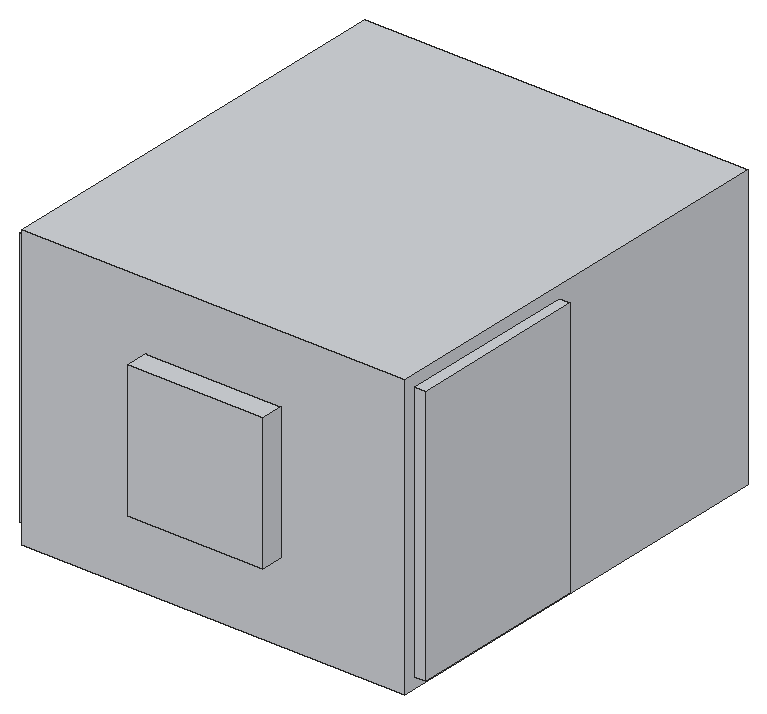
Revit family "2d22003eef5a421bbdb587e43a5ccc36", category Mechanical Equipment, Revit 2021
Family settings
  Round Connector Dimension = Use Diameter
  Part Type = Normal
  OmniClass Number = 23.75.35.17.14
  OmniClass Title = Fans, Single Units
  Seek Item ID = Fan Module - Side Discharge Up-0000-USA-ENU
  Work Plane-Based = No
  Always vertical = Yes
  Cut with Voids When Loaded = No
  Shared = No
  Room Calculation Point = No
Parameters (values of type "2000 CFM")
  Width 1 = 1' - 4"
  Voltage = 208 V
  Symbol Motor Radius = 1' - 3 1/4"
  Symbol Length = 0' - 3 1/2"
  Load Classification = Cooling
  Height 1 = 1' - 11"
  Default Elevation = 0' - 0"
  C1 Offest 1 = 0' - 6"
  External Static Pressure [instance] = 0.07 in-wg
  Number of poles = 3
  Length = Symbol Motor Radius + Symbol Length  # 1' - 6 3/4"
  Half Width [instance] = Outlet Width / 2  # 0' - 6"
  Half Symbol  Radius = Symbol Motor Radius / 2  # 0' - 7 5/8"
  Half Height 1 = Height 1 / 2  # 0' - 11 1/2"
  Inlet Width = 34"
  Outlet Width = 12"
  Inlet Height = 25"
  Outlet Height = 12"
  Half Length [instance] = Inlet Width / 2  # 1' - 5"
  Air Flow [instance] = 2000 CFM
  Fan Width = 3' - 2"
  Fan Material = none
  Apparent Load = 13000 VA
Types (9): name | Width 1 | Voltage | Symbol Motor Radius | Symbol Length | Height 1 | C1 Offest 1 | External Static Pressure | Length | Half Width | Half Symbol  Radius | Half Height 1 | Inlet Width | Outlet Width | Inlet Height | Outlet Height | Half Length | Air Flow | Fan Width | Apparent Load
  (no name) | 1' - 4" | 208 V | 1' - 3 1/4" | 0' - 3 1/2" | 1' - 11" | 0' - 6" | 0.07 in-wg | 1' - 6 3/4" | 0' - 6" | 0' - 7 5/8" | 0' - 11 1/2" | 34" | 12" | 25" | 12" | 1' - 5" | 2000 CFM | 3' - 2" | 13000 VA
  2000 CFM | 1' - 4" | 208 V | 1' - 3 1/4" | 0' - 3 1/2" | 1' - 11" | 0' - 6" | 0.07 in-wg | 1' - 6 3/4" | 0' - 6" | 0' - 7 5/8" | 0' - 11 1/2" | 34" | 12" | 25" | 12" | 1' - 5" | 2000 CFM | 3' - 2" | 13000 VA
  3000 CFM | 1' - 4" | 208 V | 1' - 3" | 0' - 2 3/8" | 2' - 8" | 0' - 4" | 0.16 in-wg | 1' - 5 3/8" | 0' - 10" | 0' - 7 1/2" | 1' - 4" | 62" | 20" | 34" | 20" | 2' - 7" | 3000 CFM | 3' - 0" | 44000 VA
  3500 CFM | 1' - 4" | 208 V | 1' - 6" | 0' - 4 1/4" | 3' - 6" | 0' - 4" | 0.22 in-wg | 1' - 10 1/4" | 1' - 2" | 0' - 9" | 1' - 9" | 76" | 28" | 44" | 28" | 3' - 2" | 3500 CFM | 3' - 10" | 75000 VA
  4000 CFM | 2' - 0" | 208 V | 1' - 8" | 0' - 4 7/8" | 4' - 0" | 0' - 4" | 0.23 in-wg | 2' - 0 7/8" | 1' - 2" | 0' - 10" | 2' - 0" | 78" | 28" | 50" | 28" | 3' - 3" | 4000 CFM | 4' - 4" | 95000 VA
  4500 CFM | 2' - 0" | 208 V | 2' - 0" | 0' - 4 3/8" | 4' - 6" | 0' - 4" | 0.28 in-wg | 2' - 4 3/8" | 1' - 4" | 1' - 0" | 2' - 3" | 94" | 32" | 56" | 32" | 3' - 11" | 4500 CFM | 4' - 10" | 120000 VA
  5000 CFM | 2' - 2 1/8" | 480 V | 2' - 7 1/8" | 0' - 4 3/4" | 6' - 0" | 1' - 0" | 0.44 in-wg | 2' - 11 7/8" | 1' - 9" | 1' - 3 9/16" | 3' - 0" | 122" | 42" | 74" | 42" | 5' - 1" | 5000 CFM | 6' - 0" | 120000 VA
  6000 CFM | 2' - 0" | 480 V | 3' - 0 3/4" | 0' - 5" | 6' - 8" | 1' - 6" | 0.41 in-wg | 3' - 5 3/4" | 2' - 0" | 1' - 6 3/8" | 3' - 4" | 140" | 48" | 92" | 42" | 5' - 10" | 6000 CFM | 7' - 2" | 120000 VA
  7000 CFM | 2' - 0" | 480 V | 3' - 6 1/2" | 0' - 5 1/8" | 6' - 9" | 3' - 0" | 0.61 in-wg | 3' - 11 5/8" | 2' - 8" | 1' - 9 1/4" | 3' - 4 1/2" | 154" | 64" | 120" | 56" | 6' - 5" | 7000 CFM | 8' - 2" | 120000 VA
Reference planes (in)
  plane 1 "Center (Front/Back)": y = 0
  plane 2: z = 0
  plane 3 "Center (Left/Right)": x = 0
  plane 4: x = -17
  plane 5: x = 17
  plane 6: y = -38
  plane 7: z = 25
  plane 8: y = -37
  plane 9: y = -40
  plane 10: y = -21
  plane 11: x = -18
  plane 12: x = 18
  plane 13: x = -6
  plane 14: x = 6
  plane 15: z = 19
  plane 16: z = 7
  plane 17: z = 12.5
  plane 18: z = 24
  plane 19: z = 1
  plane 20: y = -19
  plane 21: y = -37.75
  plane 22: x = -15.25
Forms (in)
  Extrusion 1, solid, material <- "Fan Material", detail levels medium+fine
    sketch origin (0, 0, 0) x (1, 0, 0) y (0, 1, 0)
      loop
        line (-17, 0) -> (-17, -38) -> (17, -38) -> (17, 0) -> (-17, 0)
    from 0 to 25
  Extrusion 2, solid, material <- "Fan Material", detail levels medium+fine
    sketch origin (0, 0, 0) x (1, 0, 0) y (0, 1, 0)
      loop
        line (-6, -40) -> (6, -40) -> (6, -38) -> (-6, -38) -> (-6, -40)
    from 7 to 19
  Extrusion 3, solid, material <- "Fan Material", detail levels medium+fine
    sketch origin (0, 0, 0) x (1, 0, 0) y (0, 1, 0)
      loop
        line (-18, -37) -> (-17, -37) -> (-17, -21) -> (-18, -21) -> (-18, -37)
    from 1 to 24
  Extrusion 4, solid, material <- "Fan Material", detail levels medium+fine
    sketch origin (0, 0, 0) x (1, 0, 0) y (0, 1, 0)
      loop
        line (17, -37) -> (18, -37) -> (18, -21) -> (17, -21) -> (17, -37)
    from 1 to 24
  Extrusion 5, solid, material <- "Fan Material", detail levels coarse
    sketch origin (0, 0, 0) x (1, 0, 0) y (0, 1, 0)
      loop
        line (-18, -40) -> (18, -40) -> (18, 0) -> (-18, 0) -> (-18, -40)
    from 0 to 25
Cuts and joins
  joined: Extrusion 1, Extrusion 2, Extrusion 3, Extrusion 4
Lines and regions (in)
  symbolic lines, detail levels coarse
    curve 1: circle (0, -19, 0) r 7.625 normal (0, 0, 1)
    curve 2: line (0, -34.25, 0) -> (0, -37.75, 0)
    curve 3: line (0, -37.75, 0) -> (-15.25, -37.75, 0)
    curve 4: line (-15.25, -37.75, 0) -> (-15.25, -19, 0)
    curve 5: arc (0, -34.25, 0) -> (10.78338, -8.21662, 0) -> (-15.25, -19, 0) r 15.25
Dimensions and locks (in)
  "Half Length": plane 4 to plane 3 "Center (Left/Right)"
  "Half Length": plane 5 to plane 3 "Center (Left/Right)"
  "Fan Width": plane 6 to plane 1 "Center (Front/Back)"
  "Inlet Height": plane 7 to plane 2
  locked: plane 8 to plane 6 at 1
  "Width 1": plane 10 to plane 8
  "Half Width": plane 13 to plane 3 "Center (Left/Right)"
  "Half Width": plane 3 "Center (Left/Right)" to plane 14
  "C1 Offest 1": plane 15 to plane 7
  locked: plane 16 to plane 15 at 12
  equal spacing: plane 7, plane 17, plane 2
  "Half Height 1": plane 18 to plane 17
  "Half Height 1": plane 19 to plane 17
  equal spacing: plane 6, plane 20, plane 1 "Center (Front/Back)"
  "Length": plane 21 to plane 20
  "Symbol Motor Radius": plane 22 to plane 3 "Center (Left/Right)"
  locked: plane 5 to plane 12 at 1
  locked: plane 11 to plane 4 at 1
  plane 6 to plane 9 = 0' - 2"
  "Half Symbol  Radius": radius of curve 1
  aligned and locked: plane 4 to Extrusion 1 sketch curve
  aligned and locked: plane 1 "Center (Front/Back)" to Extrusion 1 sketch curve
  aligned and locked: plane 6 to Extrusion 1 sketch curve
  aligned and locked: Extrusion 1 sketch curve to plane 5
  aligned and locked: plane 7 to Extrusion 1
  aligned and locked: Extrusion 1 to plane 2
  aligned and locked: plane 13 to Extrusion 2 sketch curve
  aligned and locked: Extrusion 2 sketch curve to plane 9
  aligned and locked: plane 6 to Extrusion 2 sketch curve
  aligned and locked: plane 14 to Extrusion 2 sketch curve
  aligned and locked: plane 11 to Extrusion 3 sketch curve
  aligned and locked: Extrusion 3 sketch curve to plane 8
  aligned and locked: plane 10 to Extrusion 3 sketch curve
  aligned and locked: plane 4 to Extrusion 3 sketch curve
  aligned and locked: plane 5 to Extrusion 4 sketch curve
  aligned and locked: plane 10 to Extrusion 4 sketch curve
  aligned and locked: plane 12 to Extrusion 4 sketch curve
  aligned and locked: Extrusion 4 sketch curve to plane 8
  aligned and locked: plane 15 to Extrusion 2
  aligned and locked: Extrusion 2 to plane 16
  aligned and locked: Extrusion 4 to plane 19
  aligned and locked: plane 18 to Extrusion 4
  aligned and locked: plane 18 to Extrusion 3
  aligned and locked: Extrusion 3 to plane 19
  aligned and locked: curve 2 to plane 3 "Center (Left/Right)"
  aligned and locked: plane 20 to curve 4
  aligned and locked: plane 22 to curve 4
  aligned and locked: plane 21 to curve 3
  aligned and locked: plane 11 to Extrusion 5 sketch curve
  aligned and locked: Extrusion 5 sketch curve to plane 9
  aligned and locked: plane 1 "Center (Front/Back)" to Extrusion 5 sketch curve
  aligned and locked: plane 12 to Extrusion 5 sketch curve
  aligned and locked: plane 7 to Extrusion 5
  aligned and locked: Extrusion 5 to plane 2
Automatic sketch dimensions
  curve 1 to curve 5 = 0' - 0"  (x2)
Connectors (in)
  hvac at (0, -40, 13), driven by "External Static Pressure", driven by "Air Flow", driven by "Outlet Height", driven by "Outlet Width"
    settings: on Extrusion 2, index 1, duct flow 2000 CFM, flow factor 0, pres drop 0.07 in-wg, loss coef 0, conn angle 0.00°, conn width 12", conn height 12", conn diameter 24", duct sys type 29, conn prof type 1, flow config 0, flow direction 2, loss method 0, conn ref index 2, conn util no, is conn primary yes, conn desc ""
  hvac at (0, 0, 12.5), driven by "Air Flow", driven by "Inlet Height", driven by "Inlet Width"
    settings: on Extrusion 1, index 2, duct flow 2000 CFM, flow factor 0, pres drop 0.00 in-wg, loss coef 0, conn angle 0.00°, conn width 34", conn height 25", conn diameter 24", duct sys type 29, conn prof type 1, flow config 0, flow direction 1, loss method 0, conn ref index 1, conn util no, is conn primary no, conn desc ""
  electrical at (18, -20, 12.5), driven by "Number of poles", driven by "Voltage", driven by "Apparent Load", driven by "Load Classification"
    settings: on Extrusion 5, index 3, voltage 208 V, apparent load 13000 VA, apparent load phase1 0 VA, apparent load phase2 0 VA, apparent load phase3 0 VA, power factor 0.8, load classification "Cooling", number of poles 3, system type 30, power factor state 1, is connector primary yes, connector utility no, sub classification motor no, connector description ""
